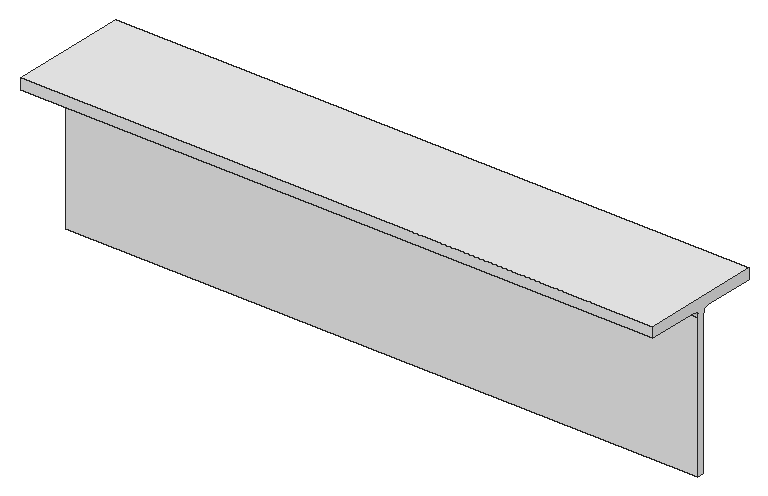
Revit family "0912_Steel Framing_Tee-KSD3502", category Structural Framing, Revit 2023
Family settings
  Structural Framing Length Roundoff = 0.10 mm
  Section Shape = I-split Parallel Flange
  Material for Model Behavior = Steel
  Always export as geometry = No
  Code Name = AISC 14.1
  OmniClass Number = 23.25.30.11.14.14
  OmniClass Title = Beams
  Always vertical = Yes
  Cut with Voids When Loaded = No
  Symbolic Representation = From Project Settings
  Shared = No
  Show family pre-cut in plan views = Yes
Parameters (values of type "WT305X62.5")
  Width = 229.00 mm
  Web Thickness = 11.90 mm
  Web Fillet = 12.70 mm
  Warping Constant = (empty or 0)
  Torsional Moment of Inertia = 0.00 mm⁴
  Structural Material [instance] = Steel, 45-345
  Section Name Key = ""
  Section Area = 8000.0 mm²
  Plastic Modulus weak axis = 0.0 mm³
  Plastic Modulus strong axis = 0.0 mm³
  Perimeter = 0.00 m²/m
  Nominal Weight = 62.4998 kgf/m
  Moment of Inertia weak axis = 0.00 mm⁴
  Moment of Inertia strong axis = 0.00 mm⁴
  Height = 307.00 mm
  Flange Thickness = 19.60 mm
  Elastic Modulus weak axis = 0.0 mm³
  Elastic Modulus strong axis = 0.0 mm³
  Centroid Vertical = 231.60 mm
  Centroid Horizontal = Width / 2  # 114.50 mm
  Bolt Spacing = 0.00 mm
  Assembly Code = ""
  Length [instance] = 1500.00 mm
Types (2, lengths in mm): name | Width | Web Thickness | Web Fillet | Warping Constant | Torsional Moment of Inertia | Section Area | Plastic Modulus weak axis | Plastic Modulus strong axis | Perimeter | Nominal Weight | Moment of Inertia weak axis | Moment of Inertia strong axis | Height | Flange Thickness | Elastic Modulus weak axis | Elastic Modulus strong axis | Centroid Vertical | Centroid Horizontal | Bolt Spacing
  WT305X62.5 | 229.00 | 11.90 | 12.70 | (empty or 0) | 0.00 mm⁴ | 8000.0 mm² | 0.0 mm³ | 0.0 mm³ | 0.00 m²/m | 62.4998 kgf/m | 0.00 mm⁴ | 0.00 mm⁴ | 307.00 | 19.60 | 0.0 mm³ | 0.0 mm³ | 231.60 | 114.50 | 0.00
  WT460X119 | 305.00 | 16.50 | 19.10 | 14400000000.0 mm⁶ | 2570000.00 mm⁴ | 15200.0 mm² | 633000.0 mm³ | 1640000.0 mm³ | (empty or 0) | 119.00 kgf/m | 61200000.00 mm⁴ | 308000000.00 mm⁴ | 457.00 | 25.90 | 403000.0 mm³ | 914000.0 mm³ | 337.00 | 152.50 | 139.70
Reference planes
  plane 1 "Center (Front/Back)": y = 0
  plane 2: z = 0
  plane 3 "Center (Left/Right)": x = 4.61
  plane 4 "Member Left": x = -604.99
  plane 5 "Member Right": x = 614.21
  plane 6: y = 114.5
  plane 7: y = -114.5
  plane 8 "Left": x = -757.39
  plane 9 "Right": x = 742.61
  plane 10: z = 75.4
  plane 11: z = -231.6
Forms (mm)
  Sweep 1, solid, material "Steel, 45-345" <- "Structural Material", detail levels medium
    path origin (0, 0, 0) x (1, 0, 0) y (0, 1, 0)
      loop
        line (614.21, 0) -> (-604.99, 0)
    profile "M_Structural Tee-Profile-Medium : M_Structural Tee-Profile-Medium" origin (4.61, 0, 0) x (0, -1, 0) y (0, 0, 1)
      loop
        line (-114.5, 75.4) -> (-114.5, 55.8) -> (-5.95, 55.8) -> (-5.95, -231.6) -> (5.95, -231.6) -> (5.95, 55.8) -> (114.5, 55.8) -> (114.5, 75.4) -> (-114.5, 75.4)
  Sweep 2, solid, material "Steel, 45-345" <- "Structural Material", detail levels fine
    path origin (0, 0, 0) x (1, 0, 0) y (0, 1, 0)
      loop
        line (614.21, 0) -> (-604.99, 0)
    profile "M_Structural Tee-Profile-Fine : M_Structural Tee-Profile-Fine" origin (4.61, 0, 0) x (0, -1, 0) y (0, 0, 1)
      loop
        line (-114.5, 75.4) -> (-114.5, 55.8) -> (-18.65, 55.8)
        arc (-18.65, 55.8) -> (-9.67, 52.08) -> (-5.95, 43.1) r 12.7
        line (-5.95, 43.1) -> (-5.95, -231.6) -> (5.95, -231.6) -> (5.95, 43.1)
        arc (5.95, 43.1) -> (9.67, 52.08) -> (18.65, 55.8) r 12.7
        line (18.65, 55.8) -> (114.5, 55.8) -> (114.5, 75.4) -> (-114.5, 75.4)
Lines and regions (mm)
  symbolic lines, style "Hidden Faces", detail levels medium+fine
    curve 1: line (614.21, -5.95, 0) -> (-604.99, -5.95, 0)
    curve 2: line (614.21, 5.95, 0) -> (-604.99, 5.95, 0)
  symbolic lines, style "Stick Symbols", detail levels coarse
    curve 3: line (4.61, 114.5, 75.4) -> (4.61, -114.5, 75.4)
    curve 4: line (4.61, 0, 75.4) -> (4.61, 0, -231.6)
Dimensions and locks
  "Width": plane 6 to plane 7
  equal spacing: plane 6, plane 1 "Center (Front/Back)", plane 7
  "Length": plane 8 "Left" to plane 9 "Right"
  "Height": plane 10 to plane 11
  "Centroid Vertical": level to plane 11
  equal spacing: curve 2, plane 1 "Center (Front/Back)", curve 1
  "Web Thickness": curve 2 to curve 1
  aligned and locked: Sweep 1 sketch curve to plane 1 "Center (Front/Back)"
  aligned and locked: Sweep 2 sketch curve to plane 1 "Center (Front/Back)"
  aligned and locked: Sweep 2 to curve 3  (x2)
  aligned and locked: curve 4 to Sweep 1
  aligned and locked: curve 3 to Sweep 2
  aligned and locked: plane 4 "Member Left" to Sweep 2 sketch curve
  aligned and locked: plane 5 "Member Right" to Sweep 2 sketch curve
  aligned and locked: plane 4 "Member Left" to Sweep 1 sketch curve
  aligned and locked: plane 5 "Member Right" to Sweep 1 sketch curve
  aligned and locked: plane 4 "Member Left" to curve 2
  aligned and locked: plane 4 "Member Left" to curve 1
  aligned and locked: plane 5 "Member Right" to curve 1
  aligned and locked: plane 5 "Member Right" to curve 2
  aligned and locked: curve 4 to plane 1 "Center (Front/Back)"
  aligned and locked: plane 10 to curve 4
